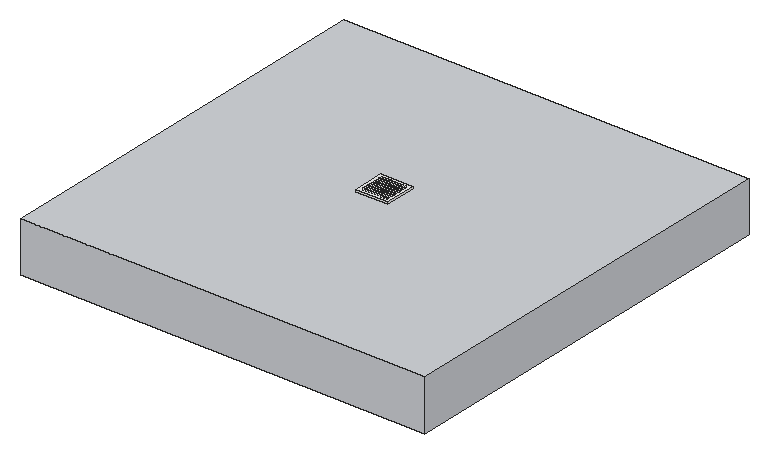
Revit family
Parameters
  URL = "http://caroma.com.au/bathrooms/showers/track/track-overhead-rain-shower"
  Tap Material = Caroma Chrome
  Model = "Overhead Rain Shower - 192mm\r\n"
  Manufacturer = "Caroma"
  Detail Under [instance] = no
  Design By = "Design Content ©"  # constant formula
  Description = "New Track mixers and showers from Australia's leading bathroom brand will lift the feel of any bathroom. Choose the clean, contemporary European design without the European price. \r\n\r\n"
  Default Elevation = 0 mm
  Author = "DM"  # constant formula
  Assembly Code = ""
Reference planes
  plane 1 "Center (Front/Back)": y = 0
  plane 2: z = 0
  plane 3 "Center (Left/Right)": x = 0
Forms (mm)
  Extrusion 1, solid
    sketch origin (0, 0, 0) x (1, 0, 0) y (0, 1, 0)
      loop
        line (-1219.2, 1219.2) -> (-1219.2, -1219.2) -> (1219.2, -1219.2) -> (1219.2, 1219.2) -> (-1219.2, 1219.2)
    from 0 to -304.8
  Revolve 2, solid, material "Caroma Chrome" <- "Tap Material"
    sketch origin (0, -400, 648.073) x (0, 0, -1) y (0, 1, 0)
      loop
        line (648.069, 400) -> (648.073, 411.984) -> (634.275, 411.984)
        arc (634.275, 411.984) -> (633.425, 411.632) -> (633.072, 410.782) r 1.203
        line (633.072, 410.782) -> (633.072, 409.906)
        arc (633.072, 409.906) -> (632.814, 409.277) -> (632.19, 409.011) r 0.895
        line (632.19, 409.011) -> (629.672, 408.975) -> (629.672, 414.526)
        arc (629.672, 414.526) -> (629.095, 415.919) -> (627.703, 416.495) r 1.969
        line (627.703, 416.495) -> (602.672, 416.495) -> (602.672, 400) -> (629.027, 400) -> (648.069, 400)
      axis (648.073, 400) -> (602.672, 400)
    angle from 0 to 360
  Extrusion 3, solid, material "Caroma Chrome" <- "Tap Material"
    sketch origin (0, -400, 648.073) x (1, 0, 0) y (0, 1, 0)
      loop
        line (-96, 495.75) -> (-96, 304.25) -> (96, 304.25) -> (96, 495.75) -> (-96, 495.75)
    from -602.672 to -591.672
  Blend 4, solid, material "Caroma Chrome" <- "Tap Material"
    base sketch origin (0, -400, 56.401) x (1, 0, 0) y (0, 1, 0)
      loop
        circle (-54, 471.089) r 2.825
    top sketch origin (0, -400, 56.401) x (1, 0, 0) y (0, 1, 0)
      loop
        circle (-54, 471.089) r 1.126
    from 0 to 4.5
  Blend 5, solid, material "Caroma Chrome" <- "Tap Material"
    base sketch origin (0, -400, 56.401) x (1, 0, 0) y (0, 1, 0)
      loop
        circle (-72, 471.089) r 2.825
    top sketch origin (0, -400, 56.401) x (1, 0, 0) y (0, 1, 0)
      loop
        circle (-72, 471.089) r 1.126
    from 0 to 4.5
  Blend 6, solid, material "Caroma Chrome" <- "Tap Material"
    base sketch origin (0, -400, 56.401) x (1, 0, 0) y (0, 1, 0)
      loop
        circle (-18, 471.089) r 2.825
    top sketch origin (0, -400, 56.401) x (1, 0, 0) y (0, 1, 0)
      loop
        circle (-18, 471.089) r 1.126
    from 0 to 4.5
  Blend 7, solid, material "Caroma Chrome" <- "Tap Material"
    base sketch origin (0, -400, 56.401) x (1, 0, 0) y (0, 1, 0)
      loop
        circle (-36, 471.089) r 2.825
    top sketch origin (0, -400, 56.401) x (1, 0, 0) y (0, 1, 0)
      loop
        circle (-36, 471.089) r 1.126
    from 0 to 4.5
  Blend 8, solid, material "Caroma Chrome" <- "Tap Material"
    base sketch origin (0, -400, 56.401) x (1, 0, 0) y (0, 1, 0)
      loop
        circle (-54, 453.589) r 2.825
    top sketch origin (0, -400, 56.401) x (1, 0, 0) y (0, 1, 0)
      loop
        circle (-54, 453.589) r 1.126
    from 0 to 4.5
  Blend 9, solid, material "Caroma Chrome" <- "Tap Material"
    base sketch origin (0, -400, 56.401) x (1, 0, 0) y (0, 1, 0)
      loop
        circle (-72, 453.589) r 2.825
    top sketch origin (0, -400, 56.401) x (1, 0, 0) y (0, 1, 0)
      loop
        circle (-72, 453.589) r 1.126
    from 0 to 4.5
  Blend 10, solid, material "Caroma Chrome" <- "Tap Material"
    base sketch origin (0, -400, 56.401) x (1, 0, 0) y (0, 1, 0)
      loop
        circle (-18, 453.589) r 2.825
    top sketch origin (0, -400, 56.401) x (1, 0, 0) y (0, 1, 0)
      loop
        circle (-18, 453.589) r 1.126
    from 0 to 4.5
  Blend 11, solid, material "Caroma Chrome" <- "Tap Material"
    base sketch origin (0, -400, 56.401) x (1, 0, 0) y (0, 1, 0)
      loop
        circle (-36, 453.589) r 2.825
    top sketch origin (0, -400, 56.401) x (1, 0, 0) y (0, 1, 0)
      loop
        circle (-36, 453.589) r 1.126
    from 0 to 4.5
  Blend 12, solid, material "Caroma Chrome" <- "Tap Material"
    base sketch origin (0, -400, 56.401) x (1, 0, 0) y (0, 1, 0)
      loop
        circle (-54, 436.089) r 2.825
    top sketch origin (0, -400, 56.401) x (1, 0, 0) y (0, 1, 0)
      loop
        circle (-54, 436.089) r 1.126
    from 0 to 4.5
  Blend 13, solid, material "Caroma Chrome" <- "Tap Material"
    base sketch origin (0, -400, 56.401) x (1, 0, 0) y (0, 1, 0)
      loop
        circle (-72, 436.089) r 2.825
    top sketch origin (0, -400, 56.401) x (1, 0, 0) y (0, 1, 0)
      loop
        circle (-72, 436.089) r 1.126
    from 0 to 4.5
  Blend 14, solid, material "Caroma Chrome" <- "Tap Material"
    base sketch origin (0, -400, 56.401) x (1, 0, 0) y (0, 1, 0)
      loop
        circle (-18, 436.089) r 2.825
    top sketch origin (0, -400, 56.401) x (1, 0, 0) y (0, 1, 0)
      loop
        circle (-18, 436.089) r 1.126
    from 0 to 4.5
  Blend 15, solid, material "Caroma Chrome" <- "Tap Material"
    base sketch origin (0, -400, 56.401) x (1, 0, 0) y (0, 1, 0)
      loop
        circle (-36, 436.089) r 2.825
    top sketch origin (0, -400, 56.401) x (1, 0, 0) y (0, 1, 0)
      loop
        circle (-36, 436.089) r 1.126
    from 0 to 4.5
  Blend 16, solid, material "Caroma Chrome" <- "Tap Material"
    base sketch origin (0, -400, 56.401) x (1, 0, 0) y (0, 1, 0)
      loop
        circle (-54, 418.589) r 2.825
    top sketch origin (0, -400, 56.401) x (1, 0, 0) y (0, 1, 0)
      loop
        circle (-54, 418.589) r 1.126
    from 0 to 4.5
  Blend 17, solid, material "Caroma Chrome" <- "Tap Material"
    base sketch origin (0, -400, 56.401) x (1, 0, 0) y (0, 1, 0)
      loop
        circle (-72, 418.589) r 2.825
    top sketch origin (0, -400, 56.401) x (1, 0, 0) y (0, 1, 0)
      loop
        circle (-72, 418.589) r 1.126
    from 0 to 4.5
  Blend 18, solid, material "Caroma Chrome" <- "Tap Material"
    base sketch origin (0, -400, 56.401) x (1, 0, 0) y (0, 1, 0)
      loop
        circle (-18, 418.589) r 2.825
    top sketch origin (0, -400, 56.401) x (1, 0, 0) y (0, 1, 0)
      loop
        circle (-18, 418.589) r 1.126
    from 0 to 4.5
  Blend 19, solid, material "Caroma Chrome" <- "Tap Material"
    base sketch origin (0, -400, 56.401) x (1, 0, 0) y (0, 1, 0)
      loop
        circle (-36, 418.589) r 2.825
    top sketch origin (0, -400, 56.401) x (1, 0, 0) y (0, 1, 0)
      loop
        circle (-36, 418.589) r 1.126
    from 0 to 4.5
  Blend 20, solid, material "Caroma Chrome" <- "Tap Material"
    base sketch origin (0, -400, 56.401) x (1, 0, 0) y (0, 1, 0)
      loop
        circle (-54, 401.089) r 2.825
    top sketch origin (0, -400, 56.401) x (1, 0, 0) y (0, 1, 0)
      loop
        circle (-54, 401.089) r 1.126
    from 0 to 4.5
  Blend 21, solid, material "Caroma Chrome" <- "Tap Material"
    base sketch origin (0, -400, 56.401) x (1, 0, 0) y (0, 1, 0)
      loop
        circle (-72, 401.089) r 2.825
    top sketch origin (0, -400, 56.401) x (1, 0, 0) y (0, 1, 0)
      loop
        circle (-72, 401.089) r 1.126
    from 0 to 4.5
  Blend 22, solid, material "Caroma Chrome" <- "Tap Material"
    base sketch origin (0, -400, 56.401) x (1, 0, 0) y (0, 1, 0)
      loop
        circle (-18, 401.089) r 2.825
    top sketch origin (0, -400, 56.401) x (1, 0, 0) y (0, 1, 0)
      loop
        circle (-18, 401.089) r 1.126
    from 0 to 4.5
  Blend 23, solid, material "Caroma Chrome" <- "Tap Material"
    base sketch origin (0, -400, 56.401) x (1, 0, 0) y (0, 1, 0)
      loop
        circle (-36, 401.089) r 2.825
    top sketch origin (0, -400, 56.401) x (1, 0, 0) y (0, 1, 0)
      loop
        circle (-36, 401.089) r 1.126
    from 0 to 4.5
  Blend 24, solid, material "Caroma Chrome" <- "Tap Material"
    base sketch origin (0, -400, 56.401) x (1, 0, 0) y (0, 1, 0)
      loop
        circle (-54, 383.589) r 2.825
    top sketch origin (0, -400, 56.401) x (1, 0, 0) y (0, 1, 0)
      loop
        circle (-54, 383.589) r 1.126
    from 0 to 4.5
  Blend 25, solid, material "Caroma Chrome" <- "Tap Material"
    base sketch origin (0, -400, 56.401) x (1, 0, 0) y (0, 1, 0)
      loop
        circle (-72, 383.589) r 2.825
    top sketch origin (0, -400, 56.401) x (1, 0, 0) y (0, 1, 0)
      loop
        circle (-72, 383.589) r 1.126
    from 0 to 4.5
  Blend 26, solid, material "Caroma Chrome" <- "Tap Material"
    base sketch origin (0, -400, 56.401) x (1, 0, 0) y (0, 1, 0)
      loop
        circle (-18, 383.589) r 2.825
    top sketch origin (0, -400, 56.401) x (1, 0, 0) y (0, 1, 0)
      loop
        circle (-18, 383.589) r 1.126
    from 0 to 4.5
  Blend 27, solid, material "Caroma Chrome" <- "Tap Material"
    base sketch origin (0, -400, 56.401) x (1, 0, 0) y (0, 1, 0)
      loop
        circle (-36, 383.589) r 2.825
    top sketch origin (0, -400, 56.401) x (1, 0, 0) y (0, 1, 0)
      loop
        circle (-36, 383.589) r 1.126
    from 0 to 4.5
  Blend 28, solid, material "Caroma Chrome" <- "Tap Material"
    base sketch origin (0, -400, 56.401) x (1, 0, 0) y (0, 1, 0)
      loop
        circle (-54, 366.089) r 2.825
    top sketch origin (0, -400, 56.401) x (1, 0, 0) y (0, 1, 0)
      loop
        circle (-54, 366.089) r 1.126
    from 0 to 4.5
  Blend 29, solid, material "Caroma Chrome" <- "Tap Material"
    base sketch origin (0, -400, 56.401) x (1, 0, 0) y (0, 1, 0)
      loop
        circle (-72, 366.089) r 2.825
    top sketch origin (0, -400, 56.401) x (1, 0, 0) y (0, 1, 0)
      loop
        circle (-72, 366.089) r 1.126
    from 0 to 4.5
  Blend 30, solid, material "Caroma Chrome" <- "Tap Material"
    base sketch origin (0, -400, 56.401) x (1, 0, 0) y (0, 1, 0)
      loop
        circle (-18, 366.089) r 2.825
    top sketch origin (0, -400, 56.401) x (1, 0, 0) y (0, 1, 0)
      loop
        circle (-18, 366.089) r 1.126
    from 0 to 4.5
  Blend 31, solid, material "Caroma Chrome" <- "Tap Material"
    base sketch origin (0, -400, 56.401) x (1, 0, 0) y (0, 1, 0)
      loop
        circle (-36, 366.089) r 2.825
    top sketch origin (0, -400, 56.401) x (1, 0, 0) y (0, 1, 0)
      loop
        circle (-36, 366.089) r 1.126
    from 0 to 4.5
  Blend 32, solid, material "Caroma Chrome" <- "Tap Material"
    base sketch origin (0, -400, 56.401) x (1, 0, 0) y (0, 1, 0)
      loop
        circle (-54, 348.589) r 2.825
    top sketch origin (0, -400, 56.401) x (1, 0, 0) y (0, 1, 0)
      loop
        circle (-54, 348.589) r 1.126
    from 0 to 4.5
  Blend 33, solid, material "Caroma Chrome" <- "Tap Material"
    base sketch origin (0, -400, 56.401) x (1, 0, 0) y (0, 1, 0)
      loop
        circle (-72, 348.589) r 2.825
    top sketch origin (0, -400, 56.401) x (1, 0, 0) y (0, 1, 0)
      loop
        circle (-72, 348.589) r 1.126
    from 0 to 4.5
  Blend 34, solid, material "Caroma Chrome" <- "Tap Material"
    base sketch origin (0, -400, 56.401) x (1, 0, 0) y (0, 1, 0)
      loop
        circle (-18, 348.589) r 2.825
    top sketch origin (0, -400, 56.401) x (1, 0, 0) y (0, 1, 0)
      loop
        circle (-18, 348.589) r 1.126
    from 0 to 4.5
  Blend 35, solid, material "Caroma Chrome" <- "Tap Material"
    base sketch origin (0, -400, 56.401) x (1, 0, 0) y (0, 1, 0)
      loop
        circle (-36, 348.589) r 2.825
    top sketch origin (0, -400, 56.401) x (1, 0, 0) y (0, 1, 0)
      loop
        circle (-36, 348.589) r 1.126
    from 0 to 4.5
  Blend 36, solid, material "Caroma Chrome" <- "Tap Material"
    base sketch origin (0, -400, 56.401) x (1, 0, 0) y (0, 1, 0)
      loop
        circle (-54, 331.089) r 2.825
    top sketch origin (0, -400, 56.401) x (1, 0, 0) y (0, 1, 0)
      loop
        circle (-54, 331.089) r 1.126
    from 0 to 4.5
  Blend 37, solid, material "Caroma Chrome" <- "Tap Material"
    base sketch origin (0, -400, 56.401) x (1, 0, 0) y (0, 1, 0)
      loop
        circle (-72, 331.089) r 2.825
    top sketch origin (0, -400, 56.401) x (1, 0, 0) y (0, 1, 0)
      loop
        circle (-72, 331.089) r 1.126
    from 0 to 4.5
  Blend 38, solid, material "Caroma Chrome" <- "Tap Material"
    base sketch origin (0, -400, 56.401) x (1, 0, 0) y (0, 1, 0)
      loop
        circle (-18, 331.089) r 2.825
    top sketch origin (0, -400, 56.401) x (1, 0, 0) y (0, 1, 0)
      loop
        circle (-18, 331.089) r 1.126
    from 0 to 4.5
  Blend 39, solid, material "Caroma Chrome" <- "Tap Material"
    base sketch origin (0, -400, 56.401) x (1, 0, 0) y (0, 1, 0)
      loop
        circle (-36, 331.089) r 2.825
    top sketch origin (0, -400, 56.401) x (1, 0, 0) y (0, 1, 0)
      loop
        circle (-36, 331.089) r 1.126
    from 0 to 4.5
  Blend 40, solid, material "Caroma Chrome" <- "Tap Material"
    base sketch origin (0, -400, 56.401) x (1, 0, 0) y (0, 1, 0)
      loop
        circle (54, 471.089) r 2.825
    top sketch origin (0, -400, 56.401) x (1, 0, 0) y (0, 1, 0)
      loop
        circle (54, 471.089) r 1.126
    from 0 to 4.5
  Blend 41, solid, material "Caroma Chrome" <- "Tap Material"
    base sketch origin (0, -400, 56.401) x (1, 0, 0) y (0, 1, 0)
      loop
        circle (0, 471.089) r 2.825
    top sketch origin (0, -400, 56.401) x (1, 0, 0) y (0, 1, 0)
      loop
        circle (0, 471.089) r 1.126
    from 0 to 4.5
  Blend 42, solid, material "Caroma Chrome" <- "Tap Material"
    base sketch origin (0, -400, 56.401) x (1, 0, 0) y (0, 1, 0)
      loop
        circle (18, 471.089) r 2.825
    top sketch origin (0, -400, 56.401) x (1, 0, 0) y (0, 1, 0)
      loop
        circle (18, 471.089) r 1.126
    from 0 to 4.5
  Blend 43, solid, material "Caroma Chrome" <- "Tap Material"
    base sketch origin (0, -400, 56.401) x (1, 0, 0) y (0, 1, 0)
      loop
        circle (54, 453.589) r 2.825
    top sketch origin (0, -400, 56.401) x (1, 0, 0) y (0, 1, 0)
      loop
        circle (54, 453.589) r 1.126
    from 0 to 4.5
  Blend 44, solid, material "Caroma Chrome" <- "Tap Material"
    base sketch origin (0, -400, 56.401) x (1, 0, 0) y (0, 1, 0)
      loop
        circle (0, 453.589) r 2.825
    top sketch origin (0, -400, 56.401) x (1, 0, 0) y (0, 1, 0)
      loop
        circle (0, 453.589) r 1.126
    from 0 to 4.5
  Blend 45, solid, material "Caroma Chrome" <- "Tap Material"
    base sketch origin (0, -400, 56.401) x (1, 0, 0) y (0, 1, 0)
      loop
        circle (18, 453.589) r 2.825
    top sketch origin (0, -400, 56.401) x (1, 0, 0) y (0, 1, 0)
      loop
        circle (18, 453.589) r 1.126
    from 0 to 4.5
  Blend 46, solid, material "Caroma Chrome" <- "Tap Material"
    base sketch origin (0, -400, 56.401) x (1, 0, 0) y (0, 1, 0)
      loop
        circle (54, 436.089) r 2.825
    top sketch origin (0, -400, 56.401) x (1, 0, 0) y (0, 1, 0)
      loop
        circle (54, 436.089) r 1.126
    from 0 to 4.5
  Blend 47, solid, material "Caroma Chrome" <- "Tap Material"
    base sketch origin (0, -400, 56.401) x (1, 0, 0) y (0, 1, 0)
      loop
        circle (0, 436.089) r 2.825
    top sketch origin (0, -400, 56.401) x (1, 0, 0) y (0, 1, 0)
      loop
        circle (0, 436.089) r 1.126
    from 0 to 4.5
  Blend 48, solid, material "Caroma Chrome" <- "Tap Material"
    base sketch origin (0, -400, 56.401) x (1, 0, 0) y (0, 1, 0)
      loop
        circle (18, 436.089) r 2.825
    top sketch origin (0, -400, 56.401) x (1, 0, 0) y (0, 1, 0)
      loop
        circle (18, 436.089) r 1.126
    from 0 to 4.5
  Blend 49, solid, material "Caroma Chrome" <- "Tap Material"
    base sketch origin (0, -400, 56.401) x (1, 0, 0) y (0, 1, 0)
      loop
        circle (54, 418.589) r 2.825
    top sketch origin (0, -400, 56.401) x (1, 0, 0) y (0, 1, 0)
      loop
        circle (54, 418.589) r 1.126
    from 0 to 4.5
  Blend 50, solid, material "Caroma Chrome" <- "Tap Material"
    base sketch origin (0, -400, 56.401) x (1, 0, 0) y (0, 1, 0)
      loop
        circle (0, 418.589) r 2.825
    top sketch origin (0, -400, 56.401) x (1, 0, 0) y (0, 1, 0)
      loop
        circle (0, 418.589) r 1.126
    from 0 to 4.5
  Blend 51, solid, material "Caroma Chrome" <- "Tap Material"
    base sketch origin (0, -400, 56.401) x (1, 0, 0) y (0, 1, 0)
      loop
        circle (18, 418.589) r 2.825
    top sketch origin (0, -400, 56.401) x (1, 0, 0) y (0, 1, 0)
      loop
        circle (18, 418.589) r 1.126
    from 0 to 4.5
  Blend 52, solid, material "Caroma Chrome" <- "Tap Material"
    base sketch origin (0, -400, 56.401) x (1, 0, 0) y (0, 1, 0)
      loop
        circle (54, 401.089) r 2.825
    top sketch origin (0, -400, 56.401) x (1, 0, 0) y (0, 1, 0)
      loop
        circle (54, 401.089) r 1.126
    from 0 to 4.5
  Blend 53, solid, material "Caroma Chrome" <- "Tap Material"
    base sketch origin (0, -400, 56.401) x (1, 0, 0) y (0, 1, 0)
      loop
        circle (0, 401.089) r 2.825
    top sketch origin (0, -400, 56.401) x (1, 0, 0) y (0, 1, 0)
      loop
        circle (0, 401.089) r 1.126
    from 0 to 4.5
  Blend 54, solid, material "Caroma Chrome" <- "Tap Material"
    base sketch origin (0, -400, 56.401) x (1, 0, 0) y (0, 1, 0)
      loop
        circle (18, 401.089) r 2.825
    top sketch origin (0, -400, 56.401) x (1, 0, 0) y (0, 1, 0)
      loop
        circle (18, 401.089) r 1.126
    from 0 to 4.5
  Blend 55, solid, material "Caroma Chrome" <- "Tap Material"
    base sketch origin (0, -400, 56.401) x (1, 0, 0) y (0, 1, 0)
      loop
        circle (54, 383.589) r 2.825
    top sketch origin (0, -400, 56.401) x (1, 0, 0) y (0, 1, 0)
      loop
        circle (54, 383.589) r 1.126
    from 0 to 4.5
  Blend 56, solid, material "Caroma Chrome" <- "Tap Material"
    base sketch origin (0, -400, 56.401) x (1, 0, 0) y (0, 1, 0)
      loop
        circle (0, 383.589) r 2.825
    top sketch origin (0, -400, 56.401) x (1, 0, 0) y (0, 1, 0)
      loop
        circle (0, 383.589) r 1.126
    from 0 to 4.5
  Blend 57, solid, material "Caroma Chrome" <- "Tap Material"
    base sketch origin (0, -400, 56.401) x (1, 0, 0) y (0, 1, 0)
      loop
        circle (18, 383.589) r 2.825
    top sketch origin (0, -400, 56.401) x (1, 0, 0) y (0, 1, 0)
      loop
        circle (18, 383.589) r 1.126
    from 0 to 4.5
  Blend 58, solid, material "Caroma Chrome" <- "Tap Material"
    base sketch origin (0, -400, 56.401) x (1, 0, 0) y (0, 1, 0)
      loop
        circle (54, 366.089) r 2.825
    top sketch origin (0, -400, 56.401) x (1, 0, 0) y (0, 1, 0)
      loop
        circle (54, 366.089) r 1.126
    from 0 to 4.5
  Blend 59, solid, material "Caroma Chrome" <- "Tap Material"
    base sketch origin (0, -400, 56.401) x (1, 0, 0) y (0, 1, 0)
      loop
        circle (0, 366.089) r 2.825
    top sketch origin (0, -400, 56.401) x (1, 0, 0) y (0, 1, 0)
      loop
        circle (0, 366.089) r 1.126
    from 0 to 4.5
  Blend 60, solid, material "Caroma Chrome" <- "Tap Material"
    base sketch origin (0, -400, 56.401) x (1, 0, 0) y (0, 1, 0)
      loop
        circle (18, 366.089) r 2.825
    top sketch origin (0, -400, 56.401) x (1, 0, 0) y (0, 1, 0)
      loop
        circle (18, 366.089) r 1.126
    from 0 to 4.5
  Blend 61, solid, material "Caroma Chrome" <- "Tap Material"
    base sketch origin (0, -400, 56.401) x (1, 0, 0) y (0, 1, 0)
      loop
        circle (54, 348.589) r 2.825
    top sketch origin (0, -400, 56.401) x (1, 0, 0) y (0, 1, 0)
      loop
        circle (54, 348.589) r 1.126
    from 0 to 4.5
  Blend 62, solid, material "Caroma Chrome" <- "Tap Material"
    base sketch origin (0, -400, 56.401) x (1, 0, 0) y (0, 1, 0)
      loop
        circle (0, 348.589) r 2.825
    top sketch origin (0, -400, 56.401) x (1, 0, 0) y (0, 1, 0)
      loop
        circle (0, 348.589) r 1.126
    from 0 to 4.5
  Blend 63, solid, material "Caroma Chrome" <- "Tap Material"
    base sketch origin (0, -400, 56.401) x (1, 0, 0) y (0, 1, 0)
      loop
        circle (18, 348.589) r 2.825
    top sketch origin (0, -400, 56.401) x (1, 0, 0) y (0, 1, 0)
      loop
        circle (18, 348.589) r 1.126
    from 0 to 4.5
  Blend 64, solid, material "Caroma Chrome" <- "Tap Material"
    base sketch origin (0, -400, 56.401) x (1, 0, 0) y (0, 1, 0)
      loop
        circle (54, 331.089) r 2.825
    top sketch origin (0, -400, 56.401) x (1, 0, 0) y (0, 1, 0)
      loop
        circle (54, 331.089) r 1.126
    from 0 to 4.5
  Blend 65, solid, material "Caroma Chrome" <- "Tap Material"
    base sketch origin (0, -400, 56.401) x (1, 0, 0) y (0, 1, 0)
      loop
        circle (0, 331.089) r 2.825
    top sketch origin (0, -400, 56.401) x (1, 0, 0) y (0, 1, 0)
      loop
        circle (0, 331.089) r 1.126
    from 0 to 4.5
  Blend 66, solid, material "Caroma Chrome" <- "Tap Material"
    base sketch origin (0, -400, 56.401) x (1, 0, 0) y (0, 1, 0)
      loop
        circle (18, 331.089) r 2.825
    top sketch origin (0, -400, 56.401) x (1, 0, 0) y (0, 1, 0)
      loop
        circle (18, 331.089) r 1.126
    from 0 to 4.5
  Blend 67, solid, material "Caroma Chrome" <- "Tap Material"
    base sketch origin (0, -400, 56.401) x (1, 0, 0) y (0, 1, 0)
      loop
        circle (72, 471.089) r 2.825
    top sketch origin (0, -400, 56.401) x (1, 0, 0) y (0, 1, 0)
      loop
        circle (72, 471.089) r 1.126
    from 0 to 4.5
  Blend 68, solid, material "Caroma Chrome" <- "Tap Material"
    base sketch origin (0, -400, 56.401) x (1, 0, 0) y (0, 1, 0)
      loop
        circle (72, 453.589) r 2.825
    top sketch origin (0, -400, 56.401) x (1, 0, 0) y (0, 1, 0)
      loop
        circle (72, 453.589) r 1.126
    from 0 to 4.5
  Blend 69, solid, material "Caroma Chrome" <- "Tap Material"
    base sketch origin (0, -400, 56.401) x (1, 0, 0) y (0, 1, 0)
      loop
        circle (72, 436.089) r 2.825
    top sketch origin (0, -400, 56.401) x (1, 0, 0) y (0, 1, 0)
      loop
        circle (72, 436.089) r 1.126
    from 0 to 4.5
  Blend 70, solid, material "Caroma Chrome" <- "Tap Material"
    base sketch origin (0, -400, 56.401) x (1, 0, 0) y (0, 1, 0)
      loop
        circle (72, 418.589) r 2.825
    top sketch origin (0, -400, 56.401) x (1, 0, 0) y (0, 1, 0)
      loop
        circle (72, 418.589) r 1.126
    from 0 to 4.5
  Blend 71, solid, material "Caroma Chrome" <- "Tap Material"
    base sketch origin (0, -400, 56.401) x (1, 0, 0) y (0, 1, 0)
      loop
        circle (72, 401.089) r 2.825
    top sketch origin (0, -400, 56.401) x (1, 0, 0) y (0, 1, 0)
      loop
        circle (72, 401.089) r 1.126
    from 0 to 4.5
  Blend 72, solid, material "Caroma Chrome" <- "Tap Material"
    base sketch origin (0, -400, 56.401) x (1, 0, 0) y (0, 1, 0)
      loop
        circle (72, 383.589) r 2.825
    top sketch origin (0, -400, 56.401) x (1, 0, 0) y (0, 1, 0)
      loop
        circle (72, 383.589) r 1.126
    from 0 to 4.5
  Blend 73, solid, material "Caroma Chrome" <- "Tap Material"
    base sketch origin (0, -400, 56.401) x (1, 0, 0) y (0, 1, 0)
      loop
        circle (72, 366.089) r 2.825
    top sketch origin (0, -400, 56.401) x (1, 0, 0) y (0, 1, 0)
      loop
        circle (72, 366.089) r 1.126
    from 0 to 4.5
  Blend 74, solid, material "Caroma Chrome" <- "Tap Material"
    base sketch origin (0, -400, 56.401) x (1, 0, 0) y (0, 1, 0)
      loop
        circle (72, 348.589) r 2.825
    top sketch origin (0, -400, 56.401) x (1, 0, 0) y (0, 1, 0)
      loop
        circle (72, 348.589) r 1.126
    from 0 to 4.5
  Blend 75, solid, material "Caroma Chrome" <- "Tap Material"
    base sketch origin (0, -400, 56.401) x (1, 0, 0) y (0, 1, 0)
      loop
        circle (72, 331.089) r 2.825
    top sketch origin (0, -400, 56.401) x (1, 0, 0) y (0, 1, 0)
      loop
        circle (72, 331.089) r 1.126
    from 0 to 4.5
  Blend 76, solid, material "Caroma Chrome" <- "Tap Material"
    base sketch origin (0, -400, 56.401) x (1, 0, 0) y (0, 1, 0)
      loop
        circle (36, 471.089) r 2.825
    top sketch origin (0, -400, 56.401) x (1, 0, 0) y (0, 1, 0)
      loop
        circle (36, 471.089) r 1.126
    from 0 to 4.5
  Blend 77, solid, material "Caroma Chrome" <- "Tap Material"
    base sketch origin (0, -400, 56.401) x (1, 0, 0) y (0, 1, 0)
      loop
        circle (36, 453.589) r 2.825
    top sketch origin (0, -400, 56.401) x (1, 0, 0) y (0, 1, 0)
      loop
        circle (36, 453.589) r 1.126
    from 0 to 4.5
  Blend 78, solid, material "Caroma Chrome" <- "Tap Material"
    base sketch origin (0, -400, 56.401) x (1, 0, 0) y (0, 1, 0)
      loop
        circle (36, 436.089) r 2.825
    top sketch origin (0, -400, 56.401) x (1, 0, 0) y (0, 1, 0)
      loop
        circle (36, 436.089) r 1.126
    from 0 to 4.5
  Blend 79, solid, material "Caroma Chrome" <- "Tap Material"
    base sketch origin (0, -400, 56.401) x (1, 0, 0) y (0, 1, 0)
      loop
        circle (36, 418.589) r 2.825
    top sketch origin (0, -400, 56.401) x (1, 0, 0) y (0, 1, 0)
      loop
        circle (36, 418.589) r 1.126
    from 0 to 4.5
  Blend 80, solid, material "Caroma Chrome" <- "Tap Material"
    base sketch origin (0, -400, 56.401) x (1, 0, 0) y (0, 1, 0)
      loop
        circle (36, 401.089) r 2.825
    top sketch origin (0, -400, 56.401) x (1, 0, 0) y (0, 1, 0)
      loop
        circle (36, 401.089) r 1.126
    from 0 to 4.5
  Blend 81, solid, material "Caroma Chrome" <- "Tap Material"
    base sketch origin (0, -400, 56.401) x (1, 0, 0) y (0, 1, 0)
      loop
        circle (36, 383.589) r 2.825
    top sketch origin (0, -400, 56.401) x (1, 0, 0) y (0, 1, 0)
      loop
        circle (36, 383.589) r 1.126
    from 0 to 4.5
  Blend 82, solid, material "Caroma Chrome" <- "Tap Material"
    base sketch origin (0, -400, 56.401) x (1, 0, 0) y (0, 1, 0)
      loop
        circle (36, 366.089) r 2.825
    top sketch origin (0, -400, 56.401) x (1, 0, 0) y (0, 1, 0)
      loop
        circle (36, 366.089) r 1.126
    from 0 to 4.5
  Blend 83, solid, material "Caroma Chrome" <- "Tap Material"
    base sketch origin (0, -400, 56.401) x (1, 0, 0) y (0, 1, 0)
      loop
        circle (36, 348.589) r 2.825
    top sketch origin (0, -400, 56.401) x (1, 0, 0) y (0, 1, 0)
      loop
        circle (36, 348.589) r 1.126
    from 0 to 4.5
  Blend 84, solid, material "Caroma Chrome" <- "Tap Material"
    base sketch origin (0, -400, 56.401) x (1, 0, 0) y (0, 1, 0)
      loop
        circle (36, 331.089) r 2.825
    top sketch origin (0, -400, 56.401) x (1, 0, 0) y (0, 1, 0)
      loop
        circle (36, 331.089) r 1.126
    from 0 to 4.5
Cuts and joins
  joined: Revolve 2, Extrusion 3
Lines and regions (mm)
  Masking region 1
    outline origin (0, 0, 0) x (1, 0, 0) y (0, 1, 0)
      loop
        line (-96, 95.75) -> (-96, -95.75) -> (96, -95.75) -> (96, 95.75) -> (-96, 95.75)
  Masking region 2
    outline origin (0, 0, -7.927) x (0, 1, 0) y (0, 0, 1)
      loop
        line (8.975, 26.328) -> (14.526, 26.328)
        arc (14.526, 26.328) -> (15.919, 26.905) -> (16.495, 28.297) r 1.969
        line (16.495, 28.297) -> (16.495, 53.328) -> (95.75, 53.328) -> (95.75, 64.328) -> (73.914, 64.328) -> (72.215, 68.828) -> (69.964, 68.828) -> (68.264, 64.328) -> (56.414, 64.328) -> (54.715, 68.828) -> (52.464, 68.828) -> (50.764, 64.328) -> (38.914, 64.328) -> (37.215, 68.828) -> (34.964, 68.828) -> (33.264, 64.328) -> (21.414, 64.328) -> (19.715, 68.828) -> (17.464, 68.828) -> (15.764, 64.328) -> (3.914, 64.328) -> (2.215, 68.828) -> (-0.036, 68.828) -> (-1.736, 64.328) -> (-13.586, 64.328) -> (-15.285, 68.828) -> (-17.536, 68.828) -> (-19.236, 64.328) -> (-31.086, 64.328) -> (-32.785, 68.828) -> (-35.036, 68.828) -> (-36.736, 64.328) -> (-48.586, 64.328) -> (-50.285, 68.828) -> (-52.536, 68.828) -> (-54.236, 64.328) -> (-66.086, 64.328) -> (-67.785, 68.828) -> (-70.036, 68.828) -> (-71.736, 64.328) -> (-95.75, 64.328) -> (-95.75, 53.328) -> (-16.495, 53.328) -> (-16.495, 28.297)
        arc (-16.495, 28.297) -> (-15.919, 26.905) -> (-14.526, 26.328) r 1.969
        line (-14.526, 26.328) -> (-8.975, 26.328) -> (-9.011, 23.81)
        arc (-9.011, 23.81) -> (-9.277, 23.186) -> (-9.906, 22.928) r 0.895
        line (-9.906, 22.928) -> (-10.781, 22.928)
        arc (-10.781, 22.928) -> (-11.632, 22.575) -> (-11.984, 21.725) r 1.203
        line (-11.984, 21.725) -> (-11.984, 7.927) -> (11.984, 7.935) -> (11.984, 21.725)
        arc (11.984, 21.725) -> (11.632, 22.575) -> (10.781, 22.928) r 1.203
        line (10.781, 22.928) -> (9.906, 22.928)
        arc (9.906, 22.928) -> (9.277, 23.186) -> (9.011, 23.81) r 0.895
        line (9.011, 23.81) -> (8.975, 26.328)
  Masking region 3
    outline origin (0, 0, 0) x (1, 0, 0) y (0, 0, 1)
      loop
        line (-8.975, 18.397) -> (-9.011, 15.879)
        arc (-9.011, 15.879) -> (-9.277, 15.255) -> (-9.906, 14.997) r 0.895
        line (-9.906, 14.997) -> (-10.781, 14.997)
        arc (-10.781, 14.997) -> (-11.632, 14.644) -> (-11.984, 13.794) r 1.203
        line (-11.984, 13.794) -> (-11.984, 0.004) -> (11.984, -0.004) -> (11.984, 13.794)
        arc (11.984, 13.794) -> (11.632, 14.644) -> (10.781, 14.997) r 1.203
        line (10.781, 14.997) -> (9.906, 14.997)
        arc (9.906, 14.997) -> (9.277, 15.255) -> (9.011, 15.879) r 0.895
        line (9.011, 15.879) -> (8.975, 18.397) -> (14.526, 18.397)
        arc (14.526, 18.397) -> (15.919, 18.974) -> (16.495, 20.366) r 1.969
        line (16.495, 20.366) -> (16.495, 45.397) -> (96, 45.397) -> (96, 56.397) -> (74.825, 56.397) -> (73.126, 60.897) -> (70.874, 60.897) -> (69.175, 56.397) -> (56.825, 56.397) -> (55.126, 60.897) -> (52.874, 60.897) -> (51.175, 56.397) -> (38.825, 56.397) -> (37.126, 60.897) -> (34.874, 60.897) -> (33.175, 56.397) -> (20.825, 56.397) -> (19.126, 60.897) -> (16.874, 60.897) -> (15.175, 56.397) -> (2.825, 56.397) -> (1.126, 60.897) -> (-1.126, 60.897) -> (-2.825, 56.397) -> (-15.175, 56.397) -> (-16.874, 60.897) -> (-19.126, 60.897) -> (-20.825, 56.397) -> (-33.175, 56.397) -> (-34.874, 60.897) -> (-37.126, 60.897) -> (-38.825, 56.397) -> (-51.175, 56.397) -> (-52.874, 60.897) -> (-55.126, 60.897) -> (-56.825, 56.397) -> (-69.175, 56.397) -> (-70.874, 60.897) -> (-73.126, 60.897) -> (-74.825, 56.397) -> (-96, 56.397) -> (-96, 45.397) -> (-16.495, 45.397) -> (-16.495, 20.366)
        arc (-16.495, 20.366) -> (-15.919, 18.974) -> (-14.526, 18.397) r 1.969
        line (-14.526, 18.397) -> (-8.975, 18.397)
  symbolic lines, not visible
    curve 1: line (-70, 69.089, 0) -> (-56, 69.089, 0)
    curve 2: line (-70, 55.589, 0) -> (-70, 69.089, 0)
    curve 3: line (-56, 55.589, 0) -> (-70, 55.589, 0)
    curve 4: line (-56, 69.089, 0) -> (-56, 55.589, 0)
    curve 14: circle (-72, 71.089, 0) r 2.825 normal (0, 0, 1)
  symbolic lines, style "Caroma Tapwear", visible <- "Detail Under"
    curve 5: circle (-72, 71.089, 0) r 2.825 normal (0, 0, 1)
    curve 6: circle (-54, 71.089, 0) r 2.825 normal (0, 0, 1)
    curve 7: circle (-36, 71.089, 0) r 2.825 normal (0, 0, 1)
    curve 8: circle (-18, 71.089, 0) r 2.825 normal (0, 0, 1)
    curve 9: circle (0, 71.089, 0) r 2.825 normal (0, 0, 1)
    curve 10: circle (18, 71.089, 0) r 2.825 normal (0, 0, 1)
    curve 11: circle (36, 71.089, 0) r 2.825 normal (0, 0, 1)
    curve 12: circle (54, 71.089, 0) r 2.825 normal (0, 0, 1)
    curve 13: circle (72, 71.089, 0) r 2.825 normal (0, 0, 1)
    curve 15: circle (-72, 53.589, 0) r 2.825 normal (0, 0, 1)
    curve 16: circle (-54, 53.589, 0) r 2.825 normal (0, 0, 1)
    curve 17: circle (-36, 53.589, 0) r 2.825 normal (0, 0, 1)
    curve 18: circle (-18, 53.589, 0) r 2.825 normal (0, 0, 1)
    curve 19: circle (0, 53.589, 0) r 2.825 normal (0, 0, 1)
    curve 20: circle (18, 53.589, 0) r 2.825 normal (0, 0, 1)
    curve 21: circle (36, 53.589, 0) r 2.825 normal (0, 0, 1)
    curve 22: circle (54, 53.589, 0) r 2.825 normal (0, 0, 1)
    curve 23: circle (72, 53.589, 0) r 2.825 normal (0, 0, 1)
    curve 24: circle (-72, 36.089, 0) r 2.825 normal (0, 0, 1)
    curve 25: circle (-54, 36.089, 0) r 2.825 normal (0, 0, 1)
    curve 26: circle (-36, 36.089, 0) r 2.825 normal (0, 0, 1)
    curve 27: circle (-18, 36.089, 0) r 2.825 normal (0, 0, 1)
    curve 28: circle (0, 36.089, 0) r 2.825 normal (0, 0, 1)
    curve 29: circle (18, 36.089, 0) r 2.825 normal (0, 0, 1)
    curve 30: circle (36, 36.089, 0) r 2.825 normal (0, 0, 1)
    curve 31: circle (54, 36.089, 0) r 2.825 normal (0, 0, 1)
    curve 32: circle (72, 36.089, 0) r 2.825 normal (0, 0, 1)
    curve 33: circle (-72, 18.589, 0) r 2.825 normal (0, 0, 1)
    curve 34: circle (-54, 18.589, 0) r 2.825 normal (0, 0, 1)
    curve 35: circle (-36, 18.589, 0) r 2.825 normal (0, 0, 1)
    curve 36: circle (-18, 18.589, 0) r 2.825 normal (0, 0, 1)
    curve 37: circle (0, 18.589, 0) r 2.825 normal (0, 0, 1)
    curve 38: circle (18, 18.589, 0) r 2.825 normal (0, 0, 1)
    curve 39: circle (36, 18.589, 0) r 2.825 normal (0, 0, 1)
    curve 40: circle (54, 18.589, 0) r 2.825 normal (0, 0, 1)
    curve 41: circle (72, 18.589, 0) r 2.825 normal (0, 0, 1)
    curve 42: circle (-72, 1.089, 0) r 2.825 normal (0, 0, 1)
    curve 43: circle (-54, 1.089, 0) r 2.825 normal (0, 0, 1)
    curve 44: circle (-36, 1.089, 0) r 2.825 normal (0, 0, 1)
    curve 45: circle (-18, 1.089, 0) r 2.825 normal (0, 0, 1)
    curve 46: circle (0, 1.089, 0) r 2.825 normal (0, 0, 1)
    curve 47: circle (18, 1.089, 0) r 2.825 normal (0, 0, 1)
    curve 48: circle (36, 1.089, 0) r 2.825 normal (0, 0, 1)
    curve 49: circle (54, 1.089, 0) r 2.825 normal (0, 0, 1)
    curve 50: circle (72, 1.089, 0) r 2.825 normal (0, 0, 1)
    curve 51: circle (-72, -16.411, 0) r 2.825 normal (0, 0, 1)
    curve 52: circle (-54, -16.411, 0) r 2.825 normal (0, 0, 1)
    curve 53: circle (-36, -16.411, 0) r 2.825 normal (0, 0, 1)
    curve 54: circle (-18, -16.411, 0) r 2.825 normal (0, 0, 1)
    curve 55: circle (0, -16.411, 0) r 2.825 normal (0, 0, 1)
    curve 56: circle (18, -16.411, 0) r 2.825 normal (0, 0, 1)
    curve 57: circle (36, -16.411, 0) r 2.825 normal (0, 0, 1)
    curve 58: circle (54, -16.411, 0) r 2.825 normal (0, 0, 1)
    curve 59: circle (72, -16.411, 0) r 2.825 normal (0, 0, 1)
    curve 60: circle (-72, -33.911, 0) r 2.825 normal (0, 0, 1)
    curve 61: circle (-54, -33.911, 0) r 2.825 normal (0, 0, 1)
    curve 62: circle (-36, -33.911, 0) r 2.825 normal (0, 0, 1)
    curve 63: circle (-18, -33.911, 0) r 2.825 normal (0, 0, 1)
    curve 64: circle (0, -33.911, 0) r 2.825 normal (0, 0, 1)
    curve 65: circle (18, -33.911, 0) r 2.825 normal (0, 0, 1)
    curve 66: circle (36, -33.911, 0) r 2.825 normal (0, 0, 1)
    curve 67: circle (54, -33.911, 0) r 2.825 normal (0, 0, 1)
    curve 68: circle (72, -33.911, 0) r 2.825 normal (0, 0, 1)
    curve 69: circle (-72, -51.411, 0) r 2.825 normal (0, 0, 1)
    curve 70: circle (-54, -51.411, 0) r 2.825 normal (0, 0, 1)
    curve 71: circle (-36, -51.411, 0) r 2.825 normal (0, 0, 1)
    curve 72: circle (-18, -51.411, 0) r 2.825 normal (0, 0, 1)
    curve 73: circle (0, -51.411, 0) r 2.825 normal (0, 0, 1)
    curve 74: circle (18, -51.411, 0) r 2.825 normal (0, 0, 1)
    curve 75: circle (36, -51.411, 0) r 2.825 normal (0, 0, 1)
    curve 76: circle (54, -51.411, 0) r 2.825 normal (0, 0, 1)
    curve 77: circle (72, -51.411, 0) r 2.825 normal (0, 0, 1)
    curve 78: circle (-72, -68.911, 0) r 2.825 normal (0, 0, 1)
    curve 79: circle (-54, -68.911, 0) r 2.825 normal (0, 0, 1)
    curve 80: circle (-36, -68.911, 0) r 2.825 normal (0, 0, 1)
    curve 81: circle (-18, -68.911, 0) r 2.825 normal (0, 0, 1)
    curve 82: circle (0, -68.911, 0) r 2.825 normal (0, 0, 1)
    curve 83: circle (18, -68.911, 0) r 2.825 normal (0, 0, 1)
    curve 84: circle (36, -68.911, 0) r 2.825 normal (0, 0, 1)
    curve 85: circle (54, -68.911, 0) r 2.825 normal (0, 0, 1)
    curve 86: circle (72, -68.911, 0) r 2.825 normal (0, 0, 1)
  symbolic lines, style "Caroma Tapwear"
    curve 87: line (0, 95.75, 56.401) -> (0, -95.75, 56.401)
    curve 88: line (0, -95.75, 45.401) -> (0, 95.75, 45.401)
    curve 89: line (0, 14.526, 18.401) -> (0, -14.526, 18.401)
    curve 90: line (0, 9.906, 15.001) -> (0, -9.906, 15.001)
    curve 91: line (96, 0, 53.328) -> (-96, 0, 53.328)
    curve 92: line (16.495, 0, 45.397) -> (-16.495, 0, 45.397)
    curve 93: line (8.975, 0, 18.397) -> (-8.975, 0, 18.397)
Dimensions and locks
  aligned and locked: plane 2 to Extrusion 1
  aligned and locked: level to Extrusion 1
  aligned: Masking region 3 to Extrusion 1
